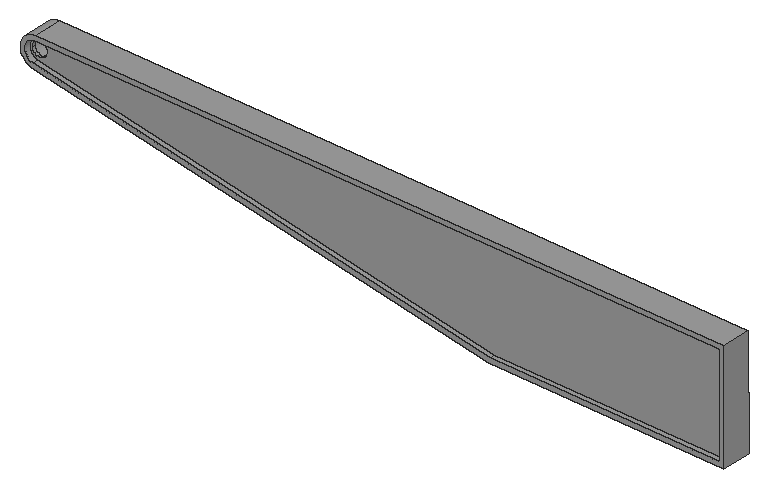
Revit family "STC_A3-2345mm-Steel-canopy", category Generic Models, Revit 2016
Family settings
  Part Type = Undefined
  Can host rebar = No
  Round Connector Dimension = Use Diameter
  Work Plane-Based = No
  Always vertical = Yes
  Cut with Voids When Loaded = No
  Shared = No
  Room Calculation Point = No
Parameters (values of type "Steel Canopy")
  Beam, Length = 1800 mm
  Beam Thickness = 150 mm
  Beam Depth = 300 mm
Reference planes
  plane 1 "Center (Front/Back)": y = -58.334
  plane 2: z = 0
  plane 3 "Center (Left/Right)": x = 0
  plane 4: through (0, 0, 0) normal (-0.0523, 0, -0.9986)
  plane 5: through (15.701, 0, 299.589) normal (-0.0523, 0, -0.9986)
  plane 6: through (0, 0, 0) normal (-0.9986, 0, 0.0523)
  plane 7: through (-1797.533, 0, 94.205) normal (-0.9986, 0, 0.0523)
  plane 8: y = 16.666
  plane 9: y = -133.334
  plane 10: through (596.69, 0, 169.003) normal (-0.0523, 0, -0.9986)
  plane 11: through (599.307, 0, 218.935) normal (-0.0523, 0, -0.9986)
  plane 12: through (-1561.234, 0, -1129.142) normal (-0.9986, 0, 0.0523)
  plane 13: through (-1611.166, 0, -1126.526) normal (-0.9986, 0, 0.0523)
Forms (mm)
  Extrusion 1, solid, material "Steel Frame"
    sketch origin (0, -58.334, 0) x (1, 0, 0) y (0, 0, 1)
      loop
        arc (-2292.86, 486.465) -> (-2345, 443.418) -> (-2306.579, 387.782) r 50
        line (-2306.579, 387.782) -> (-784.341, 41.106) -> (0, 0) -> (0, 366.301) -> (-2292.86, 486.465)
      loop
        arc (-2293.645, 471.485) -> (-2330.143, 441.353) -> (-2303.248, 402.407) r 35
        line (-2303.248, 402.407) -> (-782.268, 56.018) -> (-15, 15.807) -> (-15, 352.067) -> (-2293.645, 471.485)
    from -75 to 25
  Extrusion 2, solid, material "Steel Frame"
    sketch origin (0, -58.334, 0) x (1, 0, 0) y (0, 0, 1)
      loop
        arc (-2293.645, 471.485) -> (-2330.143, 441.353) -> (-2303.248, 402.407) r 35
        line (-2303.248, 402.407) -> (-782.268, 56.018) -> (-15, 15.807) -> (-15, 352.067) -> (-2293.645, 471.485)
      loop
        circle (-2295.476, 436.533) r 25
    from -5 to 5
Lines and regions (mm)
  reference lines
    curve 1: line (-63.29, -58.334, -1207.646) -> (103.5, -58.334, 1974.902)
    curve 2: line (-2345, -58.334, -366.045) -> (-2345, -58.334, 2214.315)
Dimensions and locks
  "Beam Depth": plane 5 to plane 4
  "Beam, Length": plane 7 to plane 6
  equal spacing: plane 9, plane 1 "Center (Front/Back)", plane 8
  "Beam Thickness": plane 9 to plane 8
  locked: plane 4 to plane 2 (angle 3.00°)
  aligned and locked: Extrusion 1 sketch curve to plane 3 "Center (Left/Right)"
  aligned and locked: Extrusion 1 sketch curve to plane 4
  aligned and locked: Extrusion 1 to plane 8
Automatic sketch dimensions
  curve 1 to plane 6 = 0 mm  (x2)
  curve 1 to plane 3 "Center (Left/Right)" = 63.29 mm
  plane 3 "Center (Left/Right)" to curve 1 = 103.5 mm
  Extrusion 1 sketch curve to Extrusion 1 sketch curve = 0 mm  (x2)
  Extrusion 1 sketch curve to plane 3 "Center (Left/Right)" = 15 mm
  level to Extrusion 1 sketch curve = 56.018 mm
  Extrusion 1 sketch curve to Extrusion 1 sketch curve = 767.268 mm
  level to Extrusion 1 sketch curve = 41.106 mm
  level to Extrusion 1 sketch curve = 486.465 mm
  Extrusion 1 sketch curve to Extrusion 1 sketch curve = 1510.592 mm
  level to Extrusion 1 sketch curve = 471.485 mm
  Extrusion 1 sketch curve to Extrusion 1 sketch curve = 0.785 mm
  Extrusion 1 sketch curve to Extrusion 1 sketch curve = 1.832 mm
  level to Extrusion 1 sketch curve = 402.407 mm
  Extrusion 1 sketch curve to Extrusion 1 sketch curve = 7.772 mm
  Extrusion 1 sketch curve to Extrusion 1 sketch curve = 3.331 mm
  level to Extrusion 1 sketch curve = 15.807 mm
  Extrusion 1 sketch curve to Extrusion 1 sketch curve = 336.26 mm
  Extrusion 1 sketch curve to Extrusion 1 sketch curve = 14.234 mm
  Extrusion 2 sketch curve to Extrusion 2 sketch curve = 0 mm  (x2)
  level to Extrusion 2 sketch curve = 402.407 mm
  Extrusion 2 sketch curve to plane 3 "Center (Left/Right)" = 2303.248 mm
  level to Extrusion 2 sketch curve = 56.018 mm
  Extrusion 2 sketch curve to plane 3 "Center (Left/Right)" = 782.268 mm
  Extrusion 2 sketch curve to plane 3 "Center (Left/Right)" = 15 mm
  level to Extrusion 2 sketch curve = 15.807 mm
  Extrusion 2 sketch curve to Extrusion 2 sketch curve = 336.26 mm
  Extrusion 2 sketch curve to Extrusion 2 sketch curve = 7.772 mm
  Extrusion 2 sketch curve to Extrusion 2 sketch curve = 1.832 mm
  Extrusion 2 sketch curve to Extrusion 2 sketch curve = 34.126 mm
  radius of Extrusion 2 sketch curve = 25 mm
